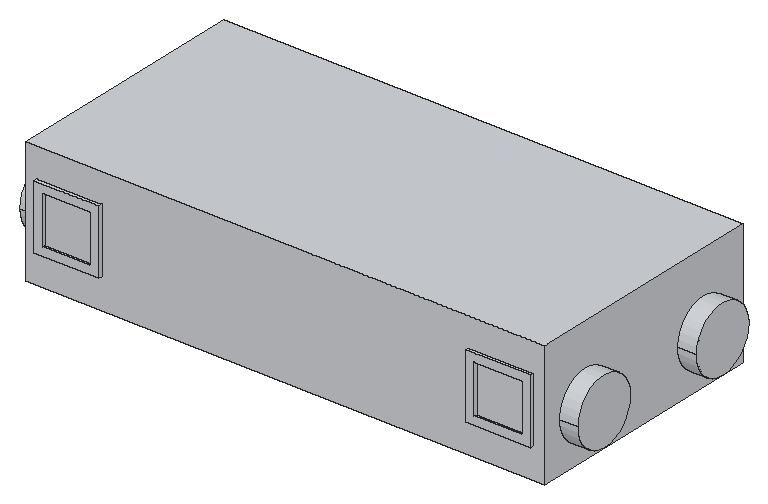
Revit family "DV 500", category Generic Models, Revit 2013
Parameters (values of type "Type 2")
  Width mm = 1600 mm
  Warranty = "1 Year"
  Voltage Supply      Single Phase = "230v ac"
  Versatile positioning ,floor and ceiling susupended options = "Yes"
  Summer/Winter by-pass = "Yes"
  Summer By-pass = "Automatic 100%"
  Safety cut off switch Pressure sensors for filter monitoring = "Yes"
  Pre Heater = "option"
  Part number = "9041571"
  Model = "MULTI DV500"
  Meets Building regulations Pat L2A and L2B = "Yes"
  Max Air Volume  m3/hr = "670"
  Lockable doors = "Yes"
  Interchangeable spigot connections = "Yes"
  Insulated Base Frame = ""
  Humidity control (optional) = "Yes"
  Height mm = 765 mm
  Heat Recovery = "<95%"
  Heat Exchanger = "Cross Counterflow"
  Frequency = "50Hz"
  Filter maintenance reminder = "Yes"
  Electronic control panel with LCD display = "Yes"
  EC motor for fine speed control and low SFP = "Yes"
  Duct Connections = "4x200mm dia"
  Double skinned insulated casing avoids thermal bridging = "Yes"
  Depth mm = 384 mm
  Control Standard = "BMS/Internet"
  Control Optional. = "Humidity"
  Control Optional .. = "Co2"
  Control Optional = "Temperature"
  Carbon dioxide control (optional) = "Yes"
  Balanced supply and extract air ventilation with heat recovery = "Yes"
  BREEAM applicable = "Yes"
  Anti frost protection = "option\r\noption"
  Air Filters = "M5 and F8"
  After Heater = "option"
  10 speed digital control and BMS and Internet control = "Yes"
Reference planes
  plane 1 "Center (Front/Back)": y = 0
  plane 2: z = 0
  plane 3 "Center (Left/Right)": x = 0
  plane 4: z = -90
  plane 5: z = 2
  plane 6: z = 62
  plane 7: z = 37
  plane 8: z = 42
  plane 9: y = 382.5
  plane 10: y = -382.5
  plane 11: x = -800
  plane 12: x = 800
  plane 13: z = 384.062
  plane 14: y = 149.659
  plane 15: z = 192.062
  plane 16: y = -227.5
  plane 17: x = 665
  plane 18: x = -665.185
  plane 19: x = -565.185
  plane 20: x = 765
  plane 21: x = 565
  plane 22: x = -765.185
  plane 23: x = -120
  plane 24: x = -388.791
  plane 25: x = 0
  plane 26: z = 284.499
  plane 27: z = 9.945
  plane 28: z = 314.945
  plane 29: y = -94.996
  plane 30: x = 30
  plane 31: x = 435
  plane 32: y = 482.068
  plane 33: x = -465.185
  plane 34: z = 292.442
  plane 35: y = 329.818
  plane 36: y = 227.318
  plane 37: x = 170
  plane 38: y = 305.004
Forms (mm)
  Extrusion 1, solid
    sketch origin (0, 0, 0) x (1, 0, 0) y (0, 1, 0)
      loop
        line (-800, 382.5) -> (-800, -382.5) -> (800, -382.5) -> (800, 382.5) -> (-800, 382.5)
    from 384 to 0
  Extrusion 2, solid
    sketch origin (800, 991.36, 4.197) x (0, -1, 0) y (0, 0, -1)
      loop
        circle (763.857, -150.538) r 100
    from 0 to 60
  Extrusion 3, solid
    sketch origin (800, 564.493, -0.071) x (0, -1, 0) y (0, 0, -1)
      loop
        circle (791.931, -155.411) r 100
    from 0 to 60
  Extrusion 4, solid
    sketch origin (-1370, 382.5, 0) x (1, 0, 0) y (0, 0, -1)
      loop
        circle (704.815, -192.062) r 100
    from 0 to 10
  Extrusion 5, solid
    sketch origin (-39.815, 382.5, 0) x (1, 0, 0) y (0, 0, -1)
      loop
        circle (704.815, -192.062) r 100
    from 0 to 10
  Extrusion 6, solid
    sketch origin (-800, 1002.003, -11.585) x (0, 1, 0) y (0, 0, -1)
      loop
        circle (-852.501, -166.585) r 100
    from 0 to 60
  Extrusion 7, solid
    sketch origin (1171.736, 382.5, 22.501) x (-1, 0, 0) y (0, 0, 1)
      loop
        line (1396.736, 269.499) -> (991.736, 269.499) -> (991.736, 39.499) -> (1396.736, 39.499) -> (1396.736, 269.499)
    from 0 to 100
  Extrusion 8, solid
    sketch origin (1074.838, -382.5, 25) x (-1, 0, 0) y (0, 0, -1)
      loop
        line (1840.023, -69.327) -> (1640.023, -69.327) -> (1640.023, -269.327) -> (1840.023, -269.327) -> (1840.023, -69.327)
      loop
        line (1665.023, -244.327) -> (1815.023, -244.327) -> (1815.023, -94.327) -> (1665.023, -94.327) -> (1665.023, -244.327)
    from 0 to 10
  Extrusion 9, solid
    sketch origin (-800, 207.276, -20.134) x (0, 1, 0) y (0, 0, -1)
      loop
        circle (-434.778, -175.137) r 100
    from 0 to 60
  Extrusion 10, solid
    sketch origin (-1074.838, -382.5, 25) x (1, 0, 0) y (0, 0, 1)
      loop
        line (1840.023, 69.327) -> (1840.023, 269.327) -> (1640.023, 269.327) -> (1640.023, 69.327) -> (1840.023, 69.327)
      loop
        line (1665.023, 244.327) -> (1665.023, 94.327) -> (1815.023, 94.327) -> (1815.023, 244.327) -> (1665.023, 244.327)
    from 0 to 10
  Extrusion 11, solid
    sketch origin (-182.589, 482.5, -1006.331) x (0, 0, 1) y (1, 0, 0)
      loop
        line (1142.828, 191.496) -> (1142.828, 111.496) -> (1262.828, 111.496) -> (1262.828, 191.496) -> (1142.828, 191.496)
    from 0 to 50
Dimensions and locks
  plane 11 to plane 3 "Center (Left/Right)" = 800 mm
  plane 3 "Center (Left/Right)" to plane 12 = 800 mm
  level to plane 13 = 384.062 mm
  plane 10 to plane 1 "Center (Front/Back)" = 382.5 mm
  Extrusion 1 to Extrusion 1 = 765 mm
  plane 11 to plane 12 = 1600 mm
  plane 15 to plane 13 = 192 mm
  plane 17 to plane 12 = 135 mm  (x2)
  plane 18 to plane 11 = 134.815 mm
  plane 1 "Center (Front/Back)" to plane 9 = 382.5 mm
  plane 12 to plane 11 = 1600 mm
  plane 21 to plane 20 = 200 mm
  plane 12 to plane 20 to plane 17 = 35 mm, 100 mm
  plane 22 to plane 19 = 200 mm  (x2)
  plane 24 to plane 23 = 268.791 mm
  plane 30 to plane 31 = 405 mm
  Extrusion 1 to plane 32 = 99.568 mm
  plane 13 to level = 384.062 mm
  plane 9 to plane 10 = 765 mm
  plane 36 to plane 35 = 102.5 mm
  plane 11 to Extrusion 7 = 575 mm
  Extrusion 7 to Extrusion 1 = 92 mm
  Extrusion 1 to plane 13 = 384.062 mm
  Extrusion 1 to plane 6 = 62 mm
  Extrusion 7 to Extrusion 7 = 230 mm
  plane 16 to plane 10 = 155 mm  (x2)
  plane 10 to plane 9 = 765 mm
  plane 14 to plane 9 = 232.841 mm
  aligned and locked: level to plane 2
Connectors
  hvac at (860, 227.502, 154.736)
    settings: on Extrusion 2, index 7, duct flow 0.0 L/s, flow factor 0, pres drop 0.0 Pa, loss coef 0, conn angle 0.00°, conn width 304.8 mm, conn height 304.8 mm, conn radius 100 mm, duct sys type 1, conn prof type 0, flow config 0, flow direction 2, loss method 0, conn ref index -1, conn util no, is conn primary yes, conn desc ""
  hvac at (860, -227.439, 155.34)
    settings: on Extrusion 3, index 8, duct flow 0.0 L/s, flow factor 0, pres drop 0.0 Pa, loss coef 0, conn angle 0.00°, conn width 304.8 mm, conn height 304.8 mm, conn radius 100 mm, duct sys type 1, conn prof type 0, flow config 0, flow direction 1, loss method 0, conn ref index -1, conn util no, is conn primary no, conn desc ""
  hvac at (-860, 149.502, 155)
    settings: on Extrusion 6, index 9, duct flow 0.0 L/s, flow factor 0, pres drop 0.0 Pa, loss coef 0, conn angle 0.00°, conn width 304.8 mm, conn height 304.8 mm, conn radius 100 mm, duct sys type 2, conn prof type 0, flow config 0, flow direction 2, loss method 0, conn ref index -1, conn util no, is conn primary no, conn desc ""
  hvac at (-860, -227.501, 155.003)
    settings: on Extrusion 9, index 10, duct flow 0.0 L/s, flow factor 0, pres drop 0.0 Pa, loss coef 0, conn angle 0.00°, conn width 304.8 mm, conn height 304.8 mm, conn radius 100 mm, duct sys type 1, conn prof type 0, flow config 0, flow direction 1, loss method 0, conn ref index -1, conn util no, is conn primary no, conn desc ""
